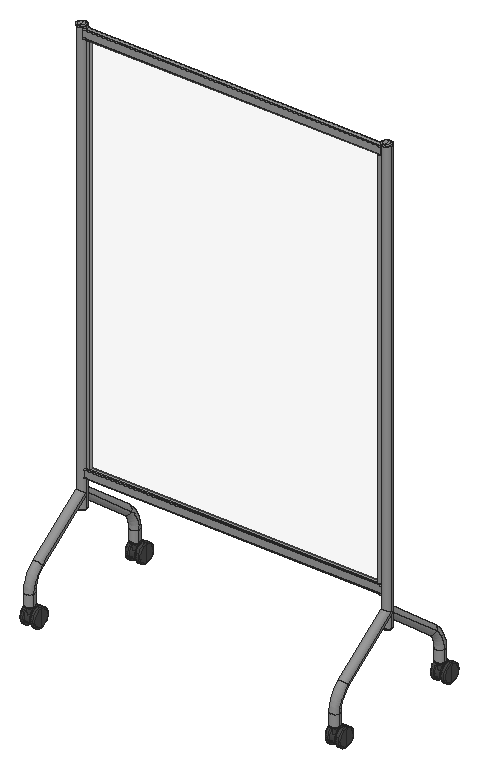
Revit family "Essentials Mobile Clear Divider", category Generic Models, Revit 2018
Family settings
  Can host rebar = No
  Round Connector Dimension = Use Diameter
  Part Type = Normal
  Work Plane-Based = No
  Always vertical = Yes
  Cut with Voids When Loaded = No
  Shared = No
  Room Calculation Point = No
Reference planes (in)
  plane 1 "Center (Front/Back)": y = 0
  plane 2: z = 0
  plane 3 "Center (Left/Right)": x = 0
Forms (in)
  Extrusion 1, solid, material "Essentials Mobile Board Frame Black"
    sketch origin (0, 0, 55.23622) x (0, 1, 0) y (0, 0, 1)
      loop
        line (0.26218, 15.19685) -> (0.26218, 16.22047)
        arc (0.26218, 16.22047) -> (0.23912, 16.27615) -> (0.18344, 16.29921) r 0.07874
        line (0.18344, 16.29921) -> (-0.44648, 16.29921)
        arc (-0.44648, 16.29921) -> (-0.50216, 16.27615) -> (-0.52522, 16.22047) r 0.07874
        line (-0.52522, 16.22047) -> (-0.52522, 15.19685)
        arc (-0.52522, 15.19685) -> (-0.50216, 15.14117) -> (-0.44648, 15.11811) r 0.07874
        line (-0.44648, 15.11811) -> (0.18344, 15.11811)
        arc (0.18344, 15.11811) -> (0.23912, 15.14117) -> (0.26218, 15.19685) r 0.07874
    from -20.8563 to 20.8563
  Revolve 2, solid, material "Essentials Mobile Board Frame Black"
    sketch origin (21.3878, 0, 83.0315) x (0, 1, 0) y (0, 0, 1)
      loop
        line (-0.76144, -11.22047) -> (-0.13152, -11.22047) -> (-0.13152, -11.06267) -> (-0.68143, -11.06267)
        arc (-0.68143, -11.06267) -> (-0.73801, -11.0861) -> (-0.76144, -11.14268) r 0.08001
        line (-0.76144, -11.14268) -> (-0.76144, -11.22047)
      axis (-0.13152, -11.22047) -> (-0.13152, -11.06267)
    angle from 0 to 360
  Revolve 3, solid, material "Essentials Mobile Board Frame Black"
    sketch origin (-21.3878, 0, 83.0315) x (0, 1, 0) y (0, 0, 1)
      loop
        line (-0.76144, -11.22047) -> (-0.13152, -11.22047) -> (-0.13152, -11.06267) -> (-0.68143, -11.06267)
        arc (-0.68143, -11.06267) -> (-0.73801, -11.0861) -> (-0.76144, -11.14268) r 0.08001
        line (-0.76144, -11.14268) -> (-0.76144, -11.22047)
      axis (-0.13152, -11.22047) -> (-0.13152, -11.06267)
    angle from 0 to 360
  Sweep 4, solid, material "Essentials Mobile Board Frame Black"
    path origin (-0.99409, 0.13152, 0) x (0, 1, 0) y (0, 0, 1)
      loop
        line (8.45115, 2.95276) -> (8.45115, 4.52756)
        arc (8.45115, 4.52756) -> (8.13942, 5.84807) -> (7.27005, 6.88976) r 2.95276
        line (7.27005, 6.88976) -> (-0.13152, 12.44095) -> (-7.5331, 6.88976)
        arc (-7.5331, 6.88976) -> (-8.40247, 5.84807) -> (-8.7142, 4.52756) r 2.95276
        line (-8.7142, 4.52756) -> (-8.7142, 2.95276)
    profile origin (-0.99409, 8.58268, 3.74016) x (0, -1, 0) y (1, 0, 0)
      loop
        circle (-0.62992, -20.3937) r 0.62992
  Sweep 5, solid, material "Essentials Mobile Board Frame Black"
    path origin (-0.99409, 0.13152, 0) x (0, 1, 0) y (0, 0, -1)
      loop
        line (8.45115, -2.95276) -> (8.45115, -4.52756)
        arc (8.45115, -4.52756) -> (8.13942, -5.84807) -> (7.27005, -6.88976) r 2.95276
        line (7.27005, -6.88976) -> (-0.13152, -12.44095) -> (-7.5331, -6.88976)
        arc (-7.5331, -6.88976) -> (-8.40247, -5.84807) -> (-8.7142, -4.52756) r 2.95276
        line (-8.7142, -4.52756) -> (-8.7142, -2.95276)
    profile origin (-0.99409, 8.58268, 3.74016) x (0, 1, 0) y (-1, 0, 0)
      loop
        circle (0.62992, -22.38189) r 0.62992
  Extrusion 6, solid, material "Essentials Mobile Board Frame Black"
    sketch origin (-0.99409, 0.13152, 0) x (0, 1, 0) y (0, 0, 1)
      loop
        line (0.26218, 15.19685) -> (0.26218, 16.22047)
        arc (0.26218, 16.22047) -> (0.23912, 16.27615) -> (0.18344, 16.29921) r 0.07874
        line (0.18344, 16.29921) -> (-0.44648, 16.29921)
        arc (-0.44648, 16.29921) -> (-0.50216, 16.27615) -> (-0.52522, 16.22047) r 0.07874
        line (-0.52522, 16.22047) -> (-0.52522, 15.19685)
        arc (-0.52522, 15.19685) -> (-0.50216, 15.14117) -> (-0.44648, 15.11811) r 0.07874
        line (-0.44648, 15.11811) -> (0.18344, 15.11811)
        arc (0.18344, 15.11811) -> (0.23912, 15.14117) -> (0.26218, 15.19685) r 0.07874
    from -19.84252 to 21.85039
  Extrusion 7, solid, material "Essentials Mobile Board Frame Black"
    sketch origin (0.99409, 0.13152, 0) x (1, 0, 0) y (0, 1, 0)
      loop
        line (-21.85039, 0.05745) -> (-21.85039, -0.3205) -> (-21.20079, -0.3205) -> (-21.20079, 0.05745) -> (-21.85039, 0.05745)
    from 16.29921 to 70.43307
  Extrusion 8, solid, material "Essentials Mobile Board Frame Black"
    sketch origin (-0.99409, 0.13152, 0) x (-1, 0, 0) y (0, -1, 0)
      loop
        line (-21.85039, -0.05745) -> (-21.20079, -0.05745) -> (-21.20079, 0.3205) -> (-21.85039, 0.3205) -> (-21.85039, -0.05745)
    from 16.29921 to 70.43307
  Extrusion 9, solid, material "Essentials Mobile Clear Surface"
    sketch origin (-0.99409, 0.13152, 0) x (1, 0, 0) y (0, 1, 0)
      loop
        line (-19.2126, 0.05745) -> (-19.2126, -0.3205) -> (21.20079, -0.3205) -> (21.20079, 0.05745) -> (-19.2126, 0.05745)
    from 16.29921 to 70.43307
  Revolve 10, solid, material "Essentials Mobile Board Casters"
    sketch origin (-0.99409, -8.42352, 0) x (1, 0, 0) y (0, 0, 1)
      loop
        line (23.40551, 1.25984) -> (21.35827, 1.25984) -> (21.35827, 0.13655)
        arc (21.35827, 0.13655) -> (21.39826, 0.03999) -> (21.49481, 0) r 0.13655
        line (21.49481, 0) -> (21.83196, 0)
        arc (21.83196, 0) -> (21.92851, 0.03999) -> (21.9685, 0.13655) r 0.13655
        line (21.9685, 0.13655) -> (21.9685, 1.00398) -> (22.79528, 1.00398) -> (22.79528, 0.13655)
        arc (22.79528, 0.13655) -> (22.83527, 0.03999) -> (22.93182, 0) r 0.13655
        line (22.93182, 0) -> (23.26896, 0)
        arc (23.26896, 0) -> (23.36552, 0.03999) -> (23.40551, 0.13655) r 0.13655
        line (23.40551, 0.13655) -> (23.40551, 1.25984)
      axis (21.35827, 1.25984) -> (23.40551, 1.25984)
    angle from 0 to 360
  Extrusion 11, solid, material "Essentials Mobile Board Casters"
    sketch origin (-0.99409, 0.13152, 0) x (0, 1, 0) y (0, 0, 1)
      loop
        arc (-7.33688, 1.25984) -> (-7.30885, 1.27145) -> (-7.29724, 1.29948) r 0.03964
        arc (-7.29724, 1.29948) -> (-8.76078, 2.50148) -> (-9.76231, 0.89413) r 1.25978
        arc (-9.76231, 0.89413) -> (-9.7481, 0.8739) -> (-9.72462, 0.86614) r 0.03937
        line (-9.72462, 0.86614) -> (-7.9268, 0.86614)
        arc (-7.9268, 0.86614) -> (-7.89896, 0.87767) -> (-7.88743, 0.90551) r 0.03937
        line (-7.88743, 0.90551) -> (-7.88743, 1.22047)
        arc (-7.88743, 1.22047) -> (-7.8759, 1.24831) -> (-7.84806, 1.25984) r 0.03937
        line (-7.84806, 1.25984) -> (-7.33688, 1.25984)
    from 22.02756 to 22.73622
  Revolve 12, solid, material "Essentials Mobile Board Casters"
    sketch origin (-0.99409, -9.2126, 0) x (1, 0, 0) y (0, 0, 1)
      loop
        line (22.38189, 2.95276) -> (22.38189, 1.68744) -> (22.68838, 1.68744) -> (22.68838, 2.51817)
        arc (22.68838, 2.51817) -> (22.67066, 2.54653) -> (22.63966, 2.55906) r 0.0541
        line (22.63966, 2.55906) -> (22.57874, 2.55906) -> (22.57874, 2.67717) -> (22.61926, 2.67717)
        arc (22.61926, 2.67717) -> (22.63894, 2.69685) -> (22.61926, 2.71654) r 0.01969
        arc (22.61926, 2.71654) -> (22.6322, 2.76478) -> (22.59263, 2.79528) r 0.04502
        line (22.59263, 2.79528) -> (22.9315, 2.79528)
        arc (22.9315, 2.79528) -> (22.98718, 2.81834) -> (23.01024, 2.87402) r 0.07874
        line (23.01024, 2.87402) -> (23.01024, 2.95276) -> (22.38189, 2.95276)
      axis (22.38189, 2.95276) -> (22.38189, 1.68744)
    angle from 0 to 360
  Revolve 13, solid, material "Essentials Mobile Board Casters"
    sketch origin (-0.99409, 10.00011, 0) x (1, 0, 0) y (0, 0, 1)
      loop
        line (23.40551, 1.25984) -> (21.35827, 1.25984) -> (21.35827, 0.13655)
        arc (21.35827, 0.13655) -> (21.39826, 0.03999) -> (21.49481, 0) r 0.13655
        line (21.49481, 0) -> (21.83196, 0)
        arc (21.83196, 0) -> (21.92851, 0.03999) -> (21.9685, 0.13655) r 0.13655
        line (21.9685, 0.13655) -> (21.9685, 1.00398) -> (22.79528, 1.00398) -> (22.79528, 0.13655)
        arc (22.79528, 0.13655) -> (22.83527, 0.03999) -> (22.93182, 0) r 0.13655
        line (22.93182, 0) -> (23.26896, 0)
        arc (23.26896, 0) -> (23.36552, 0.03999) -> (23.40551, 0.13655) r 0.13655
        line (23.40551, 0.13655) -> (23.40551, 1.25984)
      axis (21.35827, 1.25984) -> (23.40551, 1.25984)
    angle from 0 to 360
  Extrusion 14, solid, material "Essentials Mobile Board Casters"
    sketch origin (-0.99409, 18.55515, 0) x (0, 1, 0) y (0, 0, 1)
      loop
        arc (-7.33688, 1.25984) -> (-7.30885, 1.27145) -> (-7.29724, 1.29948) r 0.03964
        arc (-7.29724, 1.29948) -> (-8.76078, 2.50148) -> (-9.76231, 0.89413) r 1.25978
        arc (-9.76231, 0.89413) -> (-9.7481, 0.8739) -> (-9.72462, 0.86614) r 0.03937
        line (-9.72462, 0.86614) -> (-7.9268, 0.86614)
        arc (-7.9268, 0.86614) -> (-7.89896, 0.87767) -> (-7.88743, 0.90551) r 0.03937
        line (-7.88743, 0.90551) -> (-7.88743, 1.22047)
        arc (-7.88743, 1.22047) -> (-7.8759, 1.24831) -> (-7.84806, 1.25984) r 0.03937
        line (-7.84806, 1.25984) -> (-7.33688, 1.25984)
    from 22.02756 to 22.73622
  Revolve 15, solid, material "Essentials Mobile Board Casters"
    sketch origin (-0.99409, 9.21103, 0) x (1, 0, 0) y (0, 0, 1)
      loop
        line (22.38189, 2.95276) -> (22.38189, 1.68744) -> (22.68838, 1.68744) -> (22.68838, 2.51817)
        arc (22.68838, 2.51817) -> (22.67066, 2.54653) -> (22.63966, 2.55906) r 0.0541
        line (22.63966, 2.55906) -> (22.57874, 2.55906) -> (22.57874, 2.67717) -> (22.61926, 2.67717)
        arc (22.61926, 2.67717) -> (22.63894, 2.69685) -> (22.61926, 2.71654) r 0.01969
        arc (22.61926, 2.71654) -> (22.6322, 2.76478) -> (22.59263, 2.79528) r 0.04502
        line (22.59263, 2.79528) -> (22.9315, 2.79528)
        arc (22.9315, 2.79528) -> (22.98718, 2.81834) -> (23.01024, 2.87402) r 0.07874
        line (23.01024, 2.87402) -> (23.01024, 2.95276) -> (22.38189, 2.95276)
      axis (22.38189, 2.95276) -> (22.38189, 1.68744)
    angle from 0 to 360
  Revolve 16, solid, material "Essentials Mobile Board Casters"
    sketch origin (0.99409, -8.42352, 0) x (-1, 0, 0) y (0, 0, -1)
      loop
        line (23.40551, -1.25984) -> (23.40551, -0.13655)
        arc (23.40551, -0.13655) -> (23.36552, -0.03999) -> (23.26896, 0) r 0.13655
        line (23.26896, 0) -> (22.93182, 0)
        arc (22.93182, 0) -> (22.83527, -0.03999) -> (22.79528, -0.13655) r 0.13655
        line (22.79528, -0.13655) -> (22.79528, -1.00398) -> (21.9685, -1.00398) -> (21.9685, -0.13655)
        arc (21.9685, -0.13655) -> (21.92851, -0.03999) -> (21.83196, 0) r 0.13655
        line (21.83196, 0) -> (21.49481, 0)
        arc (21.49481, 0) -> (21.39826, -0.03999) -> (21.35827, -0.13655) r 0.13655
        line (21.35827, -0.13655) -> (21.35827, -1.25984) -> (23.40551, -1.25984)
      axis (21.35827, -1.25984) -> (23.40551, -1.25984)
    angle from 0 to 360
  Extrusion 17, solid, material "Essentials Mobile Board Casters"
    sketch origin (0.99409, 0.13152, 0) x (0, 1, 0) y (0, 0, -1)
      loop
        line (-7.33688, -1.25984) -> (-7.84806, -1.25984)
        arc (-7.84806, -1.25984) -> (-7.8759, -1.24831) -> (-7.88743, -1.22047) r 0.03937
        line (-7.88743, -1.22047) -> (-7.88743, -0.90551)
        arc (-7.88743, -0.90551) -> (-7.89896, -0.87767) -> (-7.9268, -0.86614) r 0.03937
        line (-7.9268, -0.86614) -> (-9.72462, -0.86614)
        arc (-9.72462, -0.86614) -> (-9.7481, -0.8739) -> (-9.76231, -0.89413) r 0.03937
        arc (-9.76231, -0.89413) -> (-8.76078, -2.50148) -> (-7.29724, -1.29948) r 1.25978
        arc (-7.29724, -1.29948) -> (-7.30885, -1.27145) -> (-7.33688, -1.25984) r 0.03964
    from 22.02756 to 22.73622
  Revolve 18, solid, material "Essentials Mobile Board Casters"
    sketch origin (0.99409, -9.2126, 0) x (-1, 0, 0) y (0, 0, -1)
      loop
        line (22.38189, -2.95276) -> (23.01024, -2.95276) -> (23.01024, -2.87402)
        arc (23.01024, -2.87402) -> (22.98718, -2.81834) -> (22.9315, -2.79528) r 0.07874
        line (22.9315, -2.79528) -> (22.59263, -2.79528)
        arc (22.59263, -2.79528) -> (22.6322, -2.76478) -> (22.61926, -2.71654) r 0.04502
        arc (22.61926, -2.71654) -> (22.63894, -2.69685) -> (22.61926, -2.67717) r 0.01969
        line (22.61926, -2.67717) -> (22.57874, -2.67717) -> (22.57874, -2.55906) -> (22.63966, -2.55906)
        arc (22.63966, -2.55906) -> (22.67066, -2.54653) -> (22.68838, -2.51817) r 0.0541
        line (22.68838, -2.51817) -> (22.68838, -1.68744) -> (22.38189, -1.68744) -> (22.38189, -2.95276)
      axis (22.38189, -2.95276) -> (22.38189, -1.68744)
    angle from 0 to 360
  Revolve 19, solid, material "Essentials Mobile Board Casters"
    sketch origin (0.99409, 10.00011, 0) x (-1, 0, 0) y (0, 0, -1)
      loop
        line (23.40551, -1.25984) -> (23.40551, -0.13655)
        arc (23.40551, -0.13655) -> (23.36552, -0.03999) -> (23.26896, 0) r 0.13655
        line (23.26896, 0) -> (22.93182, 0)
        arc (22.93182, 0) -> (22.83527, -0.03999) -> (22.79528, -0.13655) r 0.13655
        line (22.79528, -0.13655) -> (22.79528, -1.00398) -> (21.9685, -1.00398) -> (21.9685, -0.13655)
        arc (21.9685, -0.13655) -> (21.92851, -0.03999) -> (21.83196, 0) r 0.13655
        line (21.83196, 0) -> (21.49481, 0)
        arc (21.49481, 0) -> (21.39826, -0.03999) -> (21.35827, -0.13655) r 0.13655
        line (21.35827, -0.13655) -> (21.35827, -1.25984) -> (23.40551, -1.25984)
      axis (21.35827, -1.25984) -> (23.40551, -1.25984)
    angle from 0 to 360
  Extrusion 20, solid, material "Essentials Mobile Board Casters"
    sketch origin (0.99409, 18.55515, 0) x (0, 1, 0) y (0, 0, -1)
      loop
        line (-7.33688, -1.25984) -> (-7.84806, -1.25984)
        arc (-7.84806, -1.25984) -> (-7.8759, -1.24831) -> (-7.88743, -1.22047) r 0.03937
        line (-7.88743, -1.22047) -> (-7.88743, -0.90551)
        arc (-7.88743, -0.90551) -> (-7.89896, -0.87767) -> (-7.9268, -0.86614) r 0.03937
        line (-7.9268, -0.86614) -> (-9.72462, -0.86614)
        arc (-9.72462, -0.86614) -> (-9.7481, -0.8739) -> (-9.76231, -0.89413) r 0.03937
        arc (-9.76231, -0.89413) -> (-8.76078, -2.50148) -> (-7.29724, -1.29948) r 1.25978
        arc (-7.29724, -1.29948) -> (-7.30885, -1.27145) -> (-7.33688, -1.25984) r 0.03964
    from 22.02756 to 22.73622
  Revolve 21, solid, material "Essentials Mobile Board Casters"
    sketch origin (0.99409, 9.21103, 0) x (-1, 0, 0) y (0, 0, -1)
      loop
        line (22.38189, -2.95276) -> (23.01024, -2.95276) -> (23.01024, -2.87402)
        arc (23.01024, -2.87402) -> (22.98718, -2.81834) -> (22.9315, -2.79528) r 0.07874
        line (22.9315, -2.79528) -> (22.59263, -2.79528)
        arc (22.59263, -2.79528) -> (22.6322, -2.76478) -> (22.61926, -2.71654) r 0.04502
        arc (22.61926, -2.71654) -> (22.63894, -2.69685) -> (22.61926, -2.67717) r 0.01969
        line (22.61926, -2.67717) -> (22.57874, -2.67717) -> (22.57874, -2.55906) -> (22.63966, -2.55906)
        arc (22.63966, -2.55906) -> (22.67066, -2.54653) -> (22.68838, -2.51817) r 0.0541
        line (22.68838, -2.51817) -> (22.68838, -1.68744) -> (22.38189, -1.68744) -> (22.38189, -2.95276)
      axis (22.38189, -2.95276) -> (22.38189, -1.68744)
    angle from 0 to 360
  Revolve 22, solid, material "Essentials Mobile Board Frame Black"
    sketch origin (21.3878, 0.13152, 0) x (0, 1, 0) y (0, 0, 1)
      loop
        line (-0.76144, 11.22047) -> (-0.76144, 11.14268)
        arc (-0.76144, 11.14268) -> (-0.73801, 11.0861) -> (-0.68143, 11.06267) r 0.08001
        line (-0.68143, 11.06267) -> (-0.13152, 11.06267) -> (-0.13152, 11.22047) -> (-0.76144, 11.22047)
      axis (-0.13152, 11.22047) -> (-0.13152, 11.06267)
    angle from 0 to 360
  Revolve 23, solid, material "Essentials Mobile Board Frame Black"
    sketch origin (-21.3878, 0.13152, 0) x (0, 1, 0) y (0, 0, 1)
      loop
        line (-0.76144, 11.22047) -> (-0.76144, 11.14268)
        arc (-0.76144, 11.14268) -> (-0.73801, 11.0861) -> (-0.68143, 11.06267) r 0.08001
        line (-0.68143, 11.06267) -> (-0.13152, 11.06267) -> (-0.13152, 11.22047) -> (-0.76144, 11.22047)
      axis (-0.13152, 11.22047) -> (-0.13152, 11.06267)
    angle from 0 to 360
  Extrusion 24, solid, material "Essentials Mobile Board Frame Black"
    sketch origin (0.99409, 0.13152, 0) x (1, 0, 0) y (0, 1, 0)
      loop
        circle (-22.38189, -0.13152) r 0.62992
      loop
        circle (20.3937, -0.13152) r 0.62992
    from 11.22047 to 71.81102
Dimensions and locks (in)
  aligned and locked: plane 2 to level
